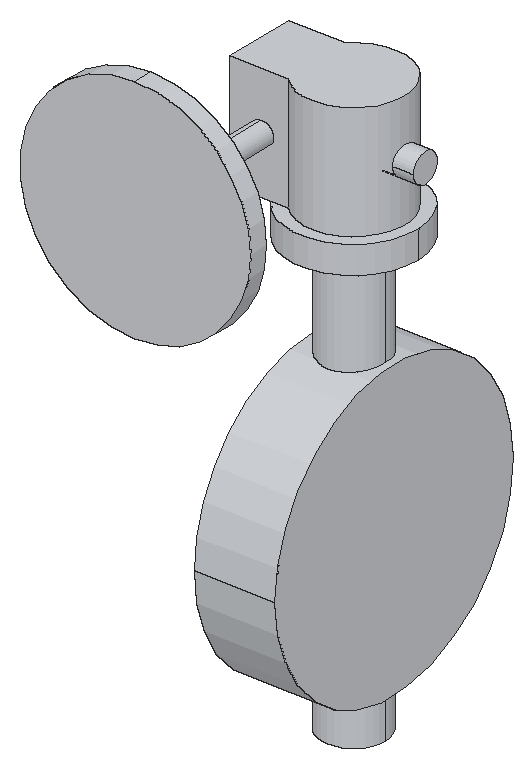
Revit family "HS497-68_disk-nerez_převodové kolo DN150-RFA_2019", category Pipe Accessories, Revit 2019
Family settings
  Round Connector Dimension = Use Diameter
  Part Type = Valve - Breaks Into
  Work Plane-Based = No
  Always vertical = Yes
  Cut with Voids When Loaded = No
  Shared = No
Parameters (values of type "HS 497-68_DN150_PN16_převodové kolo")
  magiProductId = "d94a1a0cf83b476eb10011b327f709"
  magiProductFamilyId = "53cea81e6f374d17b8841d9c72ad77"
  magiPartTypeId = 305
  isMeasuringValve [instance] = no
  ang2D [instance] = 0.00°
  X11 = 61.456 mm
  X1 = 25.456 mm
  W2D = 1000 mm
  VersionID = "2.0/2017.9.26.1/ZETKAMA_497_001"
  Use Minimum Symbol Size [instance] = yes
  URL = "http://www.hydronic.cz"
  Type Comments = "mezipřírubová; nerezový disk; PN16; -10~+110°C (krátkodobě +120°C)"
  SW30 = yes
  SW3 = yes
  SW21 = no
  SW20 = no
  SW2 = no
  SW1 = no
  R = 75 mm
  QmdConnectorList = "301;D;302;D"
  Productdata [instance] = ""
  NC = 50 mm
  Manufacturer = "Hydronic Systems Prague s.r.o."
  MM20 = 25.456 mm
  MC Product Code = "126 150 (nerezový disk, s převodovým kolem; DN150; PN16, kvs1347)"
  M41 = 65.25 mm
  M4 = 43.5 mm
  LHL = 220 mm
  LHH3 = 2.45 mm
  LHH1 = 46.55 mm
  LH1 = 73.333 mm
  L4R__ve = -L4R  # -13.5 mm
  L4R = 13.5 mm
  L42__ve = -L42  # -101.25 mm
  L42 = 101.25 mm
  L41__ve = -L41  # -20.25 mm
  L41 = 20.25 mm
  L2D_Min = 3048 mm
  L2D = 216 mm
  L2 = 28 mm
  L1 = 44.8 mm
  L = 56 mm
  H = 33 mm
  G22 = 11.25 mm
  G2 = 22.5 mm
  G1 = 90 mm
  G = 90 mm
  F = 14 mm
  E44 = 40 mm
  E42 = 80 mm
  E4 = 160 mm
  E23 = 4.9 mm
  E22 = 19.6 mm
  E21 = 9.8 mm
  Description = "Mezipřírubová uzavírací klapka s převodovým kolem; nerezový disk, DN150; PN16; kvs1347"
  DR2 = 75 mm
  DR = 206 mm
  DD1 = 20 mm
  DD = 16 mm
  D = 150 mm
  CAT0 = yes
  B2__ve = -B2  # -58 mm
  B2 = 58 mm
  A2 = 19.3 mm
  A1 = 98.7 mm
Types (43, lengths in mm): name | magiProductId | X11 | X1 | Type Comments | SW30 | SW3 | SW20 | SW2 | SW1 | R | NC | Manufacturer | MM20 | MC Product Code | M41 | M4 | LHL | LHH3 | LHH1 | LH1 | L4R__ve | L4R | L42__ve | L42 | L41__ve | L41 | L2 | L1 | L | H | G | F | E44 | E42 | E4 | E23 | E22 | E21 | Description | DR2 | DR | DD1 | DD | D | B2__ve | B2 | A2 | A1
  HS 497-68_DN100_PN16_volné vřeteno | "65d1b245f4f142c78569c0602d5754" | 61.456 | 25.456 | "mezipřírubová; nerezový disk; PN16; -10~+110°C (krátkodobě +120°C)" | no | no | no | no | yes | 50 | 50 | "Hydronic Systems Prague s.r.o." | 25.456 | "124 100 (nerezový disk, s volným vřetenem; DN100; PN16, kvs512)" | 66 | 44 | 220 | 2.45 | 46.55 | 73.333 | -12.8 | 12.8 | -96 | 96 | -19.2 | 19.2 | 26 | 41.6 | 52 | 30 | 90 | 11 | 31.25 | 62.5 | 125 | 4.9 | 19.6 | 9.8 | "Mezipřírubová uzavírací klapka s volným vřetenem; nerezový disk, DN100; PN16; kvs512" | 50 | 147 | 15.625 | 12.5 | 100 | -56 | 56 | 16.5 | 98.5
  HS 497-68_DN100_PN16_převodové kolo | "11e91b807e674d428c8e796fcdcfe2" | 61.456 | 25.456 | "mezipřírubová; nerezový disk; PN16; -10~+110°C (krátkodobě +120°C)" | yes | yes | no | no | no | 50 | 50 | "Hydronic Systems Prague s.r.o." | 25.456 | "126 100 (nerezový disk, s převodovým kolem; DN100; PN16, kvs512)" | 65.25 | 43.5 | 220 | 2.45 | 46.55 | 73.333 | -12.8 | 12.8 | -96 | 96 | -19.2 | 19.2 | 26 | 41.6 | 52 | 30 | 90 | 11 | 31.25 | 62.5 | 125 | 4.9 | 19.6 | 9.8 | "Mezipřírubová uzavírací klapka s převodovým kolem; nerezový disk, DN100; PN16; kvs512" | 50 | 147 | 15.625 | 12.5 | 100 | -56 | 56 | 16.5 | 98.5
  HS 497-68_DN100_PN16_s pákou | "28172f0b3f4b47b28323ac71cf8749" | 61.456 | 25.456 | "mezipřírubová; nerezový disk; PN16; -10~+110°C (krátkodobě +120°C)" | no | no | yes | yes | no | 50 | 50 | "Hydronic Systems Prague s.r.o." | 25.456 | "121 100 (nerezový disk, s pákou; DN100; PN16, kvs512)" | 66 | 44 | 260 | 3 | 57 | 86.667 | -12.8 | 12.8 | -96 | 96 | -19.2 | 19.2 | 26 | 41.6 | 52 | 30 | 90 | 11 | 31.25 | 62.5 | 125 | 6 | 24 | 12 | "Mezipřírubová uzavírací klapka s pákou; nerezový disk, DN100; PN16; kvs512" | 50 | 147 | 15.625 | 12.5 | 100 | -56 | 56 | 16.5 | 98.5
  HS 497-68_DN125_PN16_volné vřeteno | "0d813d910fc14f628bb3c2efbd185c" | 61.456 | 25.456 | "mezipřírubová; nerezový disk; PN16; -10~+110°C (krátkodobě +120°C)" | no | no | no | no | yes | 62.5 | 50 | "Hydronic Systems Prague s.r.o." | 25.456 | "124 125 (nerezový disk, s volným vřetenem; DN125; PN16, kvs872)" | 66 | 44 | 220 | 2.45 | 46.55 | 73.333 | -12.8 | 12.8 | -96 | 96 | -19.2 | 19.2 | 28 | 44.8 | 56 | 33 | 90 | 14 | 31.25 | 62.5 | 125 | 4.9 | 19.6 | 9.8 | "Mezipřírubová uzavírací klapka s volným vřetenem; nerezový disk, DN125; PN16; kvs872" | 62.5 | 180 | 15.625 | 12.5 | 125 | -64 | 64 | 18 | 99.5
  HS 497-68_DN125_PN16_převodové kolo | "c56b7c13f372467684996fb1e0e229" | 61.456 | 25.456 | "mezipřírubová; nerezový disk; PN16; -10~+110°C (krátkodobě +120°C)" | yes | yes | no | no | no | 62.5 | 50 | "Hydronic Systems Prague s.r.o." | 25.456 | "126125 (nerezový disk, s převodovým kolem; DN125; PN16, kvs872)" | 65.25 | 43.5 | 220 | 2.45 | 46.55 | 73.333 | -13.5 | 13.5 | -101.25 | 101.25 | -20.25 | 20.25 | 28 | 44.8 | 56 | 33 | 90 | 14 | 40 | 80 | 160 | 4.9 | 19.6 | 9.8 | "Mezipřírubová uzavírací klapka s převodovým kolem; nerezový disk, DN125; PN16; kvs872" | 62.5 | 180 | 20 | 16 | 125 | -64 | 64 | 18 | 99.5
  HS 497-68_DN125_PN16_s pákou | "105993c79a91492399feef7931321a" | 61.456 | 25.456 | "mezipřírubová; nerezový disk; PN16; -10~+110°C (krátkodobě +120°C)" | no | no | yes | yes | no | 62.5 | 50 | "Hydronic Systems Prague s.r.o." | 25.456 | "121 125 (nerezový disk, s pákou; DN125; PN16, kvs872)" | 66 | 44 | 315 | 3.75 | 71.25 | 105 | -12.8 | 12.8 | -96 | 96 | -19.2 | 19.2 | 28 | 44.8 | 56 | 33 | 90 | 14 | 31.25 | 62.5 | 125 | 7.5 | 30 | 15 | "Mezipřírubová uzavírací klapka s pákou; nerezový disk, DN125; PN16; kvs872" | 62.5 | 180 | 15.625 | 12.5 | 125 | -64 | 64 | 18 | 99.5
  HS 497-68_DN150_PN16_volné vřeteno | "50c80cb8ab434f55ab7796e5ac1331" | 61.456 | 25.456 | "mezipřírubová; nerezový disk; PN16; -10~+110°C (krátkodobě +120°C)" | no | no | no | no | yes | 75 | 50 | "Hydronic Systems Prague s.r.o." | 25.456 | "124 150 (nerezový disk, s volným vřetenem; DN150; PN16, kvs1347)" | 66 | 44 | 220 | 2.45 | 46.55 | 73.333 | -12.8 | 12.8 | -96 | 96 | -19.2 | 19.2 | 28 | 44.8 | 56 | 33 | 90 | 14 | 31.25 | 62.5 | 125 | 4.9 | 19.6 | 9.8 | "Mezipřírubová uzavírací klapka s volným vřetenem; nerezový disk, DN150; PN16; kvs1347" | 75 | 206 | 15.625 | 12.5 | 150 | -58 | 58 | 19.3 | 98.7
  HS 497-68_DN150_PN16_převodové kolo | "d94a1a0cf83b476eb10011b327f709" | 61.456 | 25.456 | "mezipřírubová; nerezový disk; PN16; -10~+110°C (krátkodobě +120°C)" | yes | yes | no | no | no | 75 | 50 | "Hydronic Systems Prague s.r.o." | 25.456 | "126 150 (nerezový disk, s převodovým kolem; DN150; PN16, kvs1347)" | 65.25 | 43.5 | 220 | 2.45 | 46.55 | 73.333 | -13.5 | 13.5 | -101.25 | 101.25 | -20.25 | 20.25 | 28 | 44.8 | 56 | 33 | 90 | 14 | 40 | 80 | 160 | 4.9 | 19.6 | 9.8 | "Mezipřírubová uzavírací klapka s převodovým kolem; nerezový disk, DN150; PN16; kvs1347" | 75 | 206 | 20 | 16 | 150 | -58 | 58 | 19.3 | 98.7
  HS 497-68_DN150_PN16_s pákou | "4d2835523fe84828bc50ff0a5a0dfb" | 61.456 | 25.456 | "mezipřírubová; nerezový disk; PN16; -10~+110°C (krátkodobě +120°C)" | no | no | yes | yes | no | 75 | 50 | "Hydronic Systems Prague s.r.o." | 25.456 | "121 150 (nerezový disk, s pákou; DN150; PN16, kvs1347)" | 66 | 44 | 315 | 3.75 | 71.25 | 105 | -12.8 | 12.8 | -96 | 96 | -19.2 | 19.2 | 28 | 44.8 | 56 | 33 | 90 | 14 | 31.25 | 62.5 | 125 | 7.5 | 30 | 15 | "Mezipřírubová uzavírací klapka s pákou; nerezový disk, DN150; PN16; kvs1347" | 75 | 206 | 15.625 | 12.5 | 150 | -58 | 58 | 19.3 | 98.7
  HS 497-68_DN200_PN16_volné vřeteno | "5b29029eaeba47139ee1055a4b9201" | 61.456 | 25.456 | "mezipřírubová; nerezový disk; PN16; -10~+110°C (krátkodobě +120°C)" | no | no | no | no | yes | 100 | 50 | "Hydronic Systems Prague s.r.o." | 25.456 | "124 200 (nerezový disk, s volným vřetenem; DN200; PN16, kvs2675)" | 66 | 44 | 220 | 2.45 | 46.55 | 73.333 | -12.8 | 12.8 | -96 | 96 | -19.2 | 19.2 | 30 | 48 | 60 | 33 | 90 | 17 | 31.25 | 62.5 | 125 | 4.9 | 19.6 | 9.8 | "Mezipřírubová uzavírací klapka s volným vřetenem; nerezový disk, DN200; PN16; kvs2675" | 100 | 257 | 15.625 | 12.5 | 200 | -70 | 70 | 22.5 | 102.5
  HS 497-68_DN200_PN16_převodové kolo | "b2793cc1fcc44cf2a35062cd67c04f" | 61.456 | 25.456 | "mezipřírubová; nerezový disk; PN16; -10~+110°C (krátkodobě +120°C)" | yes | yes | no | no | no | 100 | 57 | "Hydronic Systems Prague s.r.o." | 25.456 | "126 200 (nerezový disk, s převodovým kolem; DN200; PN16, kvs2675)" | 78.75 | 52.5 | 220 | 2.45 | 46.55 | 73.333 | -15.2 | 15.2 | -114 | 114 | -22.8 | 22.8 | 30 | 48 | 60 | 33 | 90 | 17 | 50 | 100 | 200 | 4.9 | 19.6 | 9.8 | "Mezipřírubová uzavírací klapka s převodovým kolem; nerezový disk, DN200; PN16; kvs2675" | 100 | 257 | 25 | 20 | 200 | -70 | 70 | 22.5 | 102.5
  HS 497-68_DN200_PN16_s pákou | "f88d96c7af224537a51e72d7d8fffe" | 61.456 | 25.456 | "mezipřírubová; nerezový disk; PN16; -10~+110°C (krátkodobě +120°C)" | no | no | yes | yes | no | 100 | 50 | "Hydronic Systems Prague s.r.o." | 25.456 | "121 200 (nerezový disk, s pákou; DN200; PN16, kvs2675)" | 66 | 44 | 315 | 3.75 | 71.25 | 105 | -12.8 | 12.8 | -96 | 96 | -19.2 | 19.2 | 30 | 48 | 60 | 33 | 90 | 17 | 31.25 | 62.5 | 125 | 7.5 | 30 | 15 | "Mezipřírubová uzavírací klapka s pákou; nerezový disk, DN200; PN16; kvs2675" | 100 | 257 | 15.625 | 12.5 | 200 | -70 | 70 | 22.5 | 102.5
  HS 497-68_DN250_PN16_volné vřeteno | "b662e8305ca2402b9c510e66e6aa55" | 88.77 | 36.77 | "mezipřírubová; nerezový disk; PN16; -10~+110°C (krátkodobě +120°C)" | no | no | no | no | yes | 125 | 50 | "Hydronic Systems Prague s.r.o." | 36.77 | "124 250 (nerezový disk, s volným vřetenem; DN250; PN16, kvs4555)" | 66 | 44 | 220 | 2.45 | 46.55 | 73.333 | -12.8 | 12.8 | -96 | 96 | -19.2 | 19.2 | 34 | 54.4 | 68 | 23 | 130 | 22 | 31.25 | 62.5 | 125 | 4.9 | 19.6 | 9.8 | "Mezipřírubová uzavírací klapka s volným vřetenem; nerezový disk, DN250; PN16; kvs4555" | 125 | 324 | 15.625 | 12.5 | 250 | -85 | 85 | 28.25 | 129.25
  HS 497-68_DN250_PN16_převodové kolo | "5ee9016806664ddfaa2632711f295c" | 88.77 | 36.77 | "mezipřírubová; nerezový disk; PN16; -10~+110°C (krátkodobě +120°C)" | yes | yes | no | no | no | 125 | 70 | "Hydronic Systems Prague s.r.o." | 36.77 | "126 250 (nerezový disk, s převodovým kolem; DN250; PN16, kvs4555)" | 91.5 | 61 | 220 | 2.45 | 46.55 | 73.333 | -22.2 | 22.2 | -166.5 | 166.5 | -33.3 | 33.3 | 34 | 54.4 | 68 | 23 | 130 | 22 | 62.5 | 125 | 250 | 4.9 | 19.6 | 9.8 | "Mezipřírubová uzavírací klapka s převodovým kolem; nerezový disk, DN250; PN16; kvs4555" | 125 | 324 | 31.25 | 25 | 250 | -85 | 85 | 28.25 | 129.25
  HS 497-68_DN300_PN16_volné vřeteno | "e1886f51ff004380a649519258edf2" | 88.77 | 36.77 | "mezipřírubová; nerezový disk; PN16; -10~+110°C (krátkodobě +120°C)" | no | no | no | no | yes | 150 | 50 | "Hydronic Systems Prague s.r.o." | 36.77 | "124 300 (nerezový disk, s volným vřetenem; DN300; PN16, kvs7037)" | 66 | 44 | 220 | 2.45 | 46.55 | 73.333 | -12.8 | 12.8 | -96 | 96 | -19.2 | 19.2 | 39 | 62.4 | 78 | 23 | 130 | 22 | 31.25 | 62.5 | 125 | 4.9 | 19.6 | 9.8 | "Mezipřírubová uzavírací klapka s volným vřetenem; nerezový disk, DN300; PN16; kvs7037" | 150 | 376 | 15.625 | 12.5 | 300 | -90 | 90 | 30.8 | 127.2
  HS 497-68_DN300_PN16_převodové kolo | "6860f094f77d42088fbebc3c97f755" | 88.77 | 36.77 | "mezipřírubová; nerezový disk; PN16; -10~+110°C (krátkodobě +120°C)" | yes | yes | no | no | no | 150 | 70 | "Hydronic Systems Prague s.r.o." | 36.77 | "126 300 (nerezový disk, s převodovým kolem; DN300; PN16, kvs7037)" | 91.5 | 61 | 220 | 2.45 | 46.55 | 73.333 | -22.2 | 22.2 | -166.5 | 166.5 | -33.3 | 33.3 | 39 | 62.4 | 78 | 23 | 130 | 22 | 62.5 | 125 | 250 | 4.9 | 19.6 | 9.8 | "Mezipřírubová uzavírací klapka s převodovým kolem; nerezový disk, DN300; PN16; kvs7037" | 150 | 376 | 31.25 | 25 | 300 | -90 | 90 | 30.8 | 127.2
  HS 497-68_DN032_PN16_volné vřeteno | "8c5f65de52aa4067a77564107e31b2" | 61.456 | 25.456 | "mezipřírubová; nerezový disk; PN16; -10~+110°C (krátkodobě +120°C)" | no | no | no | no | yes | 16 | 50 | "Hydronic Systems Prague s.r.o." | 25.456 | "124 032 (nerezový disk, s volným vřetenem; DN32; PN16, kvs78)" | 66 | 44 | 220 | 2.45 | 46.55 | 73.333 | -12.8 | 12.8 | -96 | 96 | -19.2 | 19.2 | 16.5 | 26.4 | 33 | 30 | 90 | 11 | 31.25 | 62.5 | 125 | 4.9 | 19.6 | 9.8 | "Mezipřírubová uzavírací klapka s volným vřetenem; nerezový disk, DN32; PN16; kvs78" | 16 | 68 | 15.625 | 12.5 | 32 | -44.2 | 44.2 | 10.25 | 76.25
  HS 497-68_DN032_PN16_převodové kolo | "60aaeffa8b3a4e809ef000e4660060" | 61.456 | 25.456 | "mezipřírubová; nerezový disk; PN16; -10~+110°C (krátkodobě +120°C)" | yes | yes | no | no | no | 16 | 50 | "Hydronic Systems Prague s.r.o." | 25.456 | "126 032 (nerezový disk, s převodovým kolem; DN32; PN16, kvs78)" | 65.25 | 43.5 | 220 | 2.45 | 46.55 | 73.333 | -12.8 | 12.8 | -96 | 96 | -19.2 | 19.2 | 16.5 | 26.4 | 33 | 30 | 90 | 11 | 31.25 | 62.5 | 125 | 4.9 | 19.6 | 9.8 | "Mezipřírubová uzavírací klapka s převodovým kolem; nerezový disk, DN32; PN16; kvs78" | 16 | 68 | 15.625 | 12.5 | 32 | -44.2 | 44.2 | 10.25 | 76.25
  HS 497-68_DN032_PN16_s pákou | "9ad8088d610749a1b871aa2aad8007" | 61.456 | 25.456 | "mezipřírubová; nerezový disk; PN16; -10~+110°C (krátkodobě +120°C)" | no | no | yes | yes | no | 16 | 50 | "Hydronic Systems Prague s.r.o." | 25.456 | "121 032 (nerezový disk, s pákou; DN32; PN16, kvs78)" | 66 | 44 | 220 | 2.45 | 46.55 | 73.333 | -12.8 | 12.8 | -96 | 96 | -19.2 | 19.2 | 16.5 | 26.4 | 33 | 30 | 90 | 11 | 31.25 | 62.5 | 125 | 4.9 | 19.6 | 9.8 | "Mezipřírubová uzavírací klapka s pákou; nerezový disk, DN32; PN16; kvs78" | 16 | 68 | 15.625 | 12.5 | 32 | -44.2 | 44.2 | 10.25 | 76.25
  HS 497-68_DN350_PN10_volné vřeteno | "72a1e05f22944421b7e9596a877137" | 109.255 | 45.255 | "mezipřírubová; nerezový disk; PN10; -10~+110°C (krátkodobě +120°C)" | no | no | no | no | yes | 175 | 50 | "Hydronic Systems Prague s.r.o." | 45.255 | "124 350 (nerezový disk, s volným vřetenem; DN350; PN10, kvs10165)" | 66 | 44 | 220 | 2.45 | 46.55 | 73.333 | -12.8 | 12.8 | -96 | 96 | -19.2 | 19.2 | 39 | 62.4 | 78 | 31 | 160 | 22 | 31.25 | 62.5 | 125 | 4.9 | 19.6 | 9.8 | "Mezipřírubová uzavírací klapka s volným vřetenem; nerezový disk, DN350; PN10; kvs10165" | 175 | 430 | 15.625 | 12.5 | 350 | -88 | 88 | 33.85 | 129.65
  HS 497-68_DN350_PN10_převodové kolo | "a5a01426cb28494ba3afca92f1dace" | 109.255 | 45.255 | "mezipřírubová; nerezový disk; PN10; -10~+110°C (krátkodobě +120°C)" | yes | yes | no | no | no | 175 | 70 | "Hydronic Systems Prague s.r.o." | 45.255 | "126 350 (nerezový disk, s převodovým kolem; DN350; PN10, kvs10165)" | 91.5 | 61 | 220 | 2.45 | 46.55 | 73.333 | -22.2 | 22.2 | -166.5 | 166.5 | -33.3 | 33.3 | 39 | 62.4 | 78 | 31 | 160 | 22 | 62.5 | 125 | 250 | 4.9 | 19.6 | 9.8 | "Mezipřírubová uzavírací klapka s převodovým kolem; nerezový disk, DN350; PN10; kvs10165" | 175 | 430 | 31.25 | 25 | 350 | -88 | 88 | 33.85 | 129.65
  HS 497-68_DN400_PN10_volné vřeteno | "c70ebeb927c04ab99b176e257ad0a7" | 109.255 | 45.255 | "mezipřírubová; nerezový disk; PN10; -10~+110°C (krátkodobě +120°C)" | no | no | no | no | yes | 200 | 50 | "Hydronic Systems Prague s.r.o." | 45.255 | "124 400 (nerezový disk, s volným vřetenem; DN400; PN10, kvs13799)" | 66 | 44 | 220 | 2.45 | 46.55 | 73.333 | -12.8 | 12.8 | -96 | 96 | -19.2 | 19.2 | 51 | 81.6 | 102 | 31 | 160 | 27 | 31.25 | 62.5 | 125 | 4.9 | 19.6 | 9.8 | "Mezipřírubová uzavírací klapka s volným vřetenem; nerezový disk, DN400; PN10; kvs13799" | 200 | 485 | 15.625 | 12.5 | 400 | -108 | 108 | 38 | 142
  HS 497-68_DN400_PN10_převodové kolo | "cc64a4384dcb41b780d81810f4f293" | 109.255 | 45.255 | "mezipřírubová; nerezový disk; PN10; -10~+110°C (krátkodobě +120°C)" | yes | yes | no | no | no | 200 | 72.5 | "Hydronic Systems Prague s.r.o." | 45.255 | "126 400 (nerezový disk, s převodovým kolem; DN400; PN10, kvs13799)" | 103.5 | 69 | 220 | 2.45 | 46.55 | 73.333 | -27.8 | 27.8 | -208.5 | 208.5 | -41.7 | 41.7 | 51 | 81.6 | 102 | 31 | 160 | 27 | 75 | 150 | 300 | 4.9 | 19.6 | 9.8 | "Mezipřírubová uzavírací klapka s převodovým kolem; nerezový disk, DN400; PN10; kvs13799" | 200 | 485 | 37.5 | 30 | 400 | -108 | 108 | 38 | 142
  HS 497-68_DN040_PN16_volné vřeteno | "35f92312390745e88df5b5c325d9ee" | 61.456 | 25.456 | "mezipřírubová; nerezový disk; PN16; -10~+110°C (krátkodobě +120°C)" | no | no | no | no | yes | 20 | 50 | "Hydronic Systems Prague s.r.o." | 25.456 | "124 040 (nerezový disk, s volným vřetenem; DN40; PN16, kvs78)" | 66 | 44 | 220 | 2.45 | 46.55 | 73.333 | -12.8 | 12.8 | -96 | 96 | -19.2 | 19.2 | 16.5 | 26.4 | 33 | 30 | 90 | 11 | 31.25 | 62.5 | 125 | 4.9 | 19.6 | 9.8 | "Mezipřírubová uzavírací klapka s volným vřetenem; nerezový disk, DN40; PN16; kvs78" | 20 | 76 | 15.625 | 12.5 | 40 | -36 | 36 | 11 | 79
  HS 497-68_DN040_PN16_převodové kolo | "d88e968eae3445bc9b7b4e6ff35127" | 61.456 | 25.456 | "mezipřírubová; nerezový disk; PN16; -10~+110°C (krátkodobě +120°C)" | yes | yes | no | no | no | 20 | 50 | "Hydronic Systems Prague s.r.o." | 25.456 | "126 040 (nerezový disk, s převodovým kolem; DN40; PN16, kvs78)" | 65.25 | 43.5 | 220 | 2.45 | 46.55 | 73.333 | -12.8 | 12.8 | -96 | 96 | -19.2 | 19.2 | 16.5 | 26.4 | 33 | 30 | 90 | 11 | 31.25 | 62.5 | 125 | 4.9 | 19.6 | 9.8 | "Mezipřírubová uzavírací klapka s převodovým kolem; nerezový disk, DN40; PN16; kvs78" | 20 | 76 | 15.625 | 12.5 | 40 | -36 | 36 | 11 | 79
  HS 497-68_DN040_PN16_s pákou | "c1b522ca65b4407a98818f232eaacb" | 61.456 | 25.456 | "mezipřírubová; nerezový disk; PN16; -10~+110°C (krátkodobě +120°C)" | no | no | yes | yes | no | 20 | 50 | "Hydronic Systems Prague s.r.o." | 25.456 | "121 040 (nerezový disk, s pákou; DN40; PN16, kvs78)" | 66 | 44 | 220 | 2.45 | 46.55 | 73.333 | -12.8 | 12.8 | -96 | 96 | -19.2 | 19.2 | 16.5 | 26.4 | 33 | 30 | 90 | 11 | 31.25 | 62.5 | 125 | 4.9 | 19.6 | 9.8 | "Mezipřírubová uzavírací klapka s pákou; nerezový disk, DN40; PN16; kvs78" | 20 | 76 | 15.625 | 12.5 | 40 | -36 | 36 | 11 | 79
  HS 497-68_DN450_PN10_volné vřeteno | "a8358bc282f14872b3194e530e590a" | 129.74 | 53.74 | "mezipřírubová; nerezový disk; PN10; -10~+110°C (krátkodobě +120°C)" | no | no | no | no | yes | 225 | 50 | "Hydronic Systems Prague s.r.o." | 53.74 | "124 450 (nerezový disk, s volným vřetenem; DN450; PN10, kvs18514)" | 66 | 44 | 220 | 2.45 | 46.55 | 73.333 | -12.8 | 12.8 | -96 | 96 | -19.2 | 19.2 | 57 | 91.2 | 114 | 38 | 190 | 36 | 31.25 | 62.5 | 125 | 4.9 | 19.6 | 9.8 | "Mezipřírubová uzavírací klapka s volným vřetenem; nerezový, DN450; PN10; kvs18514" | 225 | 536 | 15.625 | 12.5 | 450 | -115 | 115 | 38.05 | 117.45
  HS 497-68_DN450_PN10_převodové kolo | "cdf2d80f54a9414f9cbe50647c0ebd" | 129.74 | 53.74 | "mezipřírubová; nerezový disk; PN10; -10~+110°C (krátkodobě +120°C)" | yes | yes | no | no | no | 225 | 91.5 | "Zetkama" | 53.74 | "126 450 (nerezový disk, s převodovým kolem; DN450; PN10, kvs18514)" | 144.75 | 96.5 | 220 | 2.45 | 46.55 | 73.333 | -32.1 | 32.1 | -240.75 | 240.75 | -48.15 | 48.15 | 57 | 91.2 | 114 | 38 | 190 | 36 | 100 | 200 | 400 | 4.9 | 19.6 | 9.8 | "Mezipřírubová uzavírací klapka s převodovým kolem; nerezový disk, DN450; PN10; kvs18514" | 225 | 536 | 50 | 40 | 450 | -115 | 115 | 38.05 | 117.45
  HS 497-68_DN500_PN10_volné vřeteno | "8c396e27bb2743f98f3c762b6517cd" | 143.397 | 59.397 | "mezipřírubová; nerezový disk; PN10; -10~+110°C (krátkodobě +120°C)" | no | no | no | no | yes | 250 | 50 | "Hydronic Systems Prague s.r.o." | 59.397 | "124 500 (nerezový disk, s volným vřetenem; DN500; PN10, kvs23805)" | 66 | 44 | 220 | 2.45 | 46.55 | 73.333 | -12.8 | 12.8 | -96 | 96 | -19.2 | 19.2 | 63.5 | 101.6 | 127 | 38 | 210 | 36 | 31.25 | 62.5 | 125 | 4.9 | 19.6 | 9.8 | "Mezipřírubová uzavírací klapka s volným vřetenem; nerezový disk, DN500; PN10; kvs23805" | 250 | 593 | 15.625 | 12.5 | 500 | -130 | 130 | 43.25 | 139.25
  HS 497-68_DN500_PN10_převodové kolo | "7647804f32e94cef828a7034a91a46" | 143.397 | 59.397 | "mezipřírubová; nerezový disk; PN10; -10~+110°C (krátkodobě +120°C)" | yes | yes | no | no | no | 250 | 91.5 | "Zetkama" | 59.397 | "126 500 (nerezový disk, s převodovým kolem; DN500; PN10, kvs23805)" | 144.75 | 96.5 | 220 | 2.45 | 46.55 | 73.333 | -32.1 | 32.1 | -240.75 | 240.75 | -48.15 | 48.15 | 63.5 | 101.6 | 127 | 38 | 210 | 36 | 100 | 200 | 400 | 4.9 | 19.6 | 9.8 | "Mezipřírubová uzavírací klapka s převodovým kolem; nerezový disk, DN500; PN10; kvs23805" | 250 | 593 | 50 | 40 | 500 | -130 | 130 | 43.25 | 139.25
  HS 497-68_DN050_volné vřeteno | "d71f296ecd6d4adf8f6e5d9853b4e0" | 61.456 | 25.456 | "mezipřírubová; nerezový disk; PN16; -10~+110°C (krátkodobě +120°C)" | no | no | no | no | yes | 25 | 50 | "Hydronic Systems Prague s.r.o." | 25.456 | "124 050 (nerezový disk, s volným vřetenem; DN50; PN16, kvs98)" | 66 | 44 | 220 | 2.45 | 46.55 | 73.333 | -12.8 | 12.8 | -96 | 96 | -19.2 | 19.2 | 21.5 | 34.4 | 43 | 30 | 90 | 11 | 31.25 | 62.5 | 125 | 4.9 | 19.6 | 9.8 | "Mezipřírubová uzavírací klapka s volným vřetenem; nerezový disk, DN50; PN16; kvs98" | 25 | 100 | 15.625 | 12.5 | 50 | -36.5 | 36.5 | 12 | 83
  HS 497-68_DN050_PN16_převodové kolo | "2fb080deeaed49c58418b94c1da5a4" | 61.456 | 25.456 | "mezipřírubová; nerezový disk; PN16; -10~+110°C (krátkodobě +120°C)" | yes | yes | no | no | no | 25 | 50 | "Hydronic Systems Prague s.r.o." | 25.456 | "126 050 (nerezový disk, s převodovým kolem; DN50; PN16, kvs98)" | 65.25 | 43.5 | 220 | 2.45 | 46.55 | 73.333 | -12.8 | 12.8 | -96 | 96 | -19.2 | 19.2 | 21.5 | 34.4 | 43 | 30 | 90 | 11 | 31.25 | 62.5 | 125 | 4.9 | 19.6 | 9.8 | "Mezipřírubová uzavírací klapka s převodovým kolem; nerezový disk, DN50; PN16; kvs98" | 25 | 100 | 15.625 | 12.5 | 50 | -36.5 | 36.5 | 12 | 83
  HS 497-68_DN050_PN16_s pákou | "dabc632061f94877a994b9b4e68112" | 61.456 | 25.456 | "mezipřírubová; nerezový disk; PN16; -10~+110°C (krátkodobě +120°C)" | no | no | yes | yes | no | 25 | 50 | "Hydronic Systems Prague s.r.o." | 25.456 | "121 050 (nerezový disk, s pákou; DN50; PN16, kvs98)" | 66 | 44 | 220 | 2.45 | 46.55 | 73.333 | -12.8 | 12.8 | -96 | 96 | -19.2 | 19.2 | 21.5 | 34.4 | 43 | 30 | 90 | 11 | 31.25 | 62.5 | 125 | 4.9 | 19.6 | 9.8 | "Mezipřírubová uzavírací klapka s pákou; nerezový disk, DN50; PN16; kvs98" | 25 | 100 | 15.625 | 12.5 | 50 | -36.5 | 36.5 | 12 | 83
  HS 497-68_DN600_PN10_volné vřeteno | "99d5892c14664fce81a7c5903f7711" | 143.397 | 59.397 | "mezipřírubová; nerezový disk; PN10; -10~+110°C (krátkodobě +120°C)" | no | no | no | no | yes | 300 | 50 | "Hydronic Systems Prague s.r.o." | 59.397 | "124 600 (nerezový disk, s volným vřetenem; DN600; PN10, kvs36778)" | 66 | 44 | 220 | 2.45 | 46.55 | 73.333 | -12.8 | 12.8 | -96 | 96 | -19.2 | 19.2 | 77 | 123.2 | 154 | 80 | 210 | 60 | 31.25 | 62.5 | 125 | 4.9 | 19.6 | 9.8 | "Mezipřírubová uzavírací klapka s volným vřetenem; nerezový disk, DN600; PN10; kvs36788" | 300 | 690 | 15.625 | 12.5 | 600 | -140 | 140 | 49.4 | 144.6
  HS 497-68_DN600_PN10_převodové kolo | "b1e26faab48a4c499f6bb11e7e3002" | 143.397 | 59.397 | "mezipřírubová; lnerezový disk; PN10; -10~+110°C (krátkodobě +120°C)" | yes | yes | no | no | no | 300 | 140 | "Hydronic Systems Prague s.r.o." | 59.397 | "126 600 (nerezový disk, s převodovým kolem; DN600; PN10, kvs36778)" | 206.25 | 137.5 | 220 | 2.45 | 46.55 | 73.333 | -40.8 | 40.8 | -306 | 306 | -61.2 | 61.2 | 77 | 123.2 | 154 | 80 | 210 | 60 | 125 | 250 | 500 | 4.9 | 19.6 | 9.8 | "Mezipřírubová uzavírací klapka s převodovým kolem; nerezový disk, DN600; PN10; kvs36788" | 300 | 690 | 62.5 | 50 | 600 | -140 | 140 | 49.4 | 144.6
  HS 497-68_DN065_PN16_volné vřeteno | "5e5e208646e34ec29f889baab5d08e" | 61.456 | 25.456 | "mezipřírubová; lnerezový disk; PN16; -10~+110°C (krátkodobě +120°C)" | no | no | no | no | yes | 32.5 | 50 | "Hydronic Systems Prague s.r.o." | 25.456 | "124 065 (nerezový disk, s volným vřetenem; DN65; PN16, kvs167)" | 66 | 44 | 220 | 2.45 | 46.55 | 73.333 | -12.8 | 12.8 | -96 | 96 | -19.2 | 19.2 | 23 | 36.8 | 46 | 30 | 90 | 11 | 31.25 | 62.5 | 125 | 4.9 | 19.6 | 9.8 | "Mezipřírubová uzavírací klapka s volným vřetenem; nerezový disk, DN65; PN16; kv167" | 32.5 | 108 | 15.625 | 12.5 | 65 | -36.5 | 36.5 | 13.5 | 89
  HS 497-68_DN065_PN16_převodové kolo | "654d74c8d15540b0bfe523d988ccb3" | 61.456 | 25.456 | "mezipřírubová; nerezový disk; PN16; -10~+110°C (krátkodobě +120°C)" | yes | yes | no | no | no | 32.5 | 50 | "Hydronic Systems Prague s.r.o." | 25.456 | "126 065 (nerezový disk, s převodovým kolem; DN65; PN16, kvs167)" | 65.25 | 43.5 | 220 | 2.45 | 46.55 | 73.333 | -12.8 | 12.8 | -96 | 96 | -19.2 | 19.2 | 23 | 36.8 | 46 | 30 | 90 | 11 | 31.25 | 62.5 | 125 | 4.9 | 19.6 | 9.8 | "Mezipřírubová uzavírací klapka s převodovým kolem; nerezový disk, DN65; PN16; kvs167" | 32.5 | 108 | 15.625 | 12.5 | 65 | -36.5 | 36.5 | 13.5 | 89
  HS 497-68_DN065_PN16_s pákou | "ebeb4b59db0641caaf6d6635ab37b9" | 61.456 | 25.456 | "mezipřírubová; nerezový disk; PN16; -10~+110°C (krátkodobě +120°C)" | no | no | yes | yes | no | 32.5 | 50 | "Hydronic Systems Prague s.r.o." | 25.456 | "121 065 (nerezový disk, s pákou; DN65; PN16, kvs167)" | 66 | 44 | 220 | 2.45 | 46.55 | 73.333 | -12.8 | 12.8 | -96 | 96 | -19.2 | 19.2 | 23 | 36.8 | 46 | 30 | 90 | 11 | 31.25 | 62.5 | 125 | 4.9 | 19.6 | 9.8 | "Mezipřírubová uzavírací klapka s pákou; nerezový disk, DN65; PN16; kvs167" | 32.5 | 108 | 15.625 | 12.5 | 65 | -36.5 | 36.5 | 13.5 | 89
  HS 497-68_DN080_PN16_volné vřeteno | "9e85c75c18654e1185a9c48ed6b00e" | 61.456 | 25.456 | "mezipřírubová; nerezový disk; PN16; -10~+110°C (krátkodobě +120°C)" | no | no | no | no | yes | 40 | 50 | "Hydronic Systems Prague s.r.o." | 25.456 | "124 080 (nerezový disk, s volným vřetenem; DN80; PN16, kvs258)" | 66 | 44 | 220 | 2.45 | 46.55 | 73.333 | -12.8 | 12.8 | -96 | 96 | -19.2 | 19.2 | 23 | 36.8 | 46 | 30 | 90 | 11 | 31.25 | 62.5 | 125 | 4.9 | 19.6 | 9.8 | "Mezipřírubová uzavírací klapka s volným vřetenem; nerezový disk, DN80; PN16; kvs258" | 40 | 124 | 15.625 | 12.5 | 80 | -54 | 54 | 14.1 | 86.9
  HS 497-68_DN080_PN16_převodové kolo | "5b3c8238c3d041e68c75b199e7ea46" | 61.456 | 25.456 | "mezipřírubová; nerezový disk; PN16; -10~+110°C (krátkodobě +120°C)" | yes | yes | no | no | no | 40 | 50 | "Hydronic Systems Prague s.r.o." | 25.456 | "126 080 (nerezový disk, s převodovým kolem; DN80; PN16, kvs258)" | 65.25 | 43.5 | 220 | 2.45 | 46.55 | 73.333 | -12.8 | 12.8 | -96 | 96 | -19.2 | 19.2 | 23 | 36.8 | 46 | 30 | 90 | 11 | 31.25 | 62.5 | 125 | 4.9 | 19.6 | 9.8 | "Mezipřírubová uzavírací klapka s převodovým kolem; nerezový disk, DN80; PN16; kvs258" | 40 | 124 | 15.625 | 12.5 | 80 | -54 | 54 | 14.1 | 86.9
  HS 497-68_DN080_PN16_s pákou | "e414795fab0f4eccb99bc3572c5477" | 61.456 | 25.456 | "mezipřírubová; nerezový disk; PN16; -10~+110°C (krátkodobě +120°C)" | no | no | yes | yes | no | 40 | 50 | "Hydronic Systems Prague s.r.o." | 25.456 | "121 080 (nerezový disk, s pákou; DN80; PN16, kvs258)" | 66 | 44 | 260 | 3 | 57 | 86.667 | -12.8 | 12.8 | -96 | 96 | -19.2 | 19.2 | 23 | 36.8 | 46 | 30 | 90 | 11 | 31.25 | 62.5 | 125 | 6 | 24 | 12 | "Mezipřírubová uzavírací klapka s pákou; nerezový disk, DN80; PN16; kvs258" | 40 | 124 | 15.625 | 12.5 | 80 | -54 | 54 | 14.1 | 86.9
  HS 497-68_DN250_PN16_s pákou | "" | 88.77 | 36.77 | "mezipřírubová; nerezový disk; PN16; -10~+110°C (krátkodobě +120°C)" | no | no | yes | yes | no | 125 | 70 | "Hydronic Systems Prague s.r.o." | 36.77 | "121 250 (nerezový disk, s ákou; DN250; PN16, kvs4555)" | 91.5 | 61 | 220 | 2.45 | 46.55 | 73.333 | -22.2 | 22.2 | -166.5 | 166.5 | -33.3 | 33.3 | 34 | 54.4 | 68 | 23 | 130 | 22 | 62.5 | 125 | 250 | 4.9 | 19.6 | 9.8 | "Mezipřírubová uzavírací klapka s pákou; nerezový disk, DN250; PN16; kvs4555" | 125 | 324 | 31.25 | 25 | 250 | -85 | 85 | 28.25 | 129.25
  HS 497-68_DN300_PN16_s pákou | "" | 88.77 | 36.77 | "mezipřírubová; nerezový disk; PN16; -10~+110°C (krátkodobě +120°C)" | no | no | yes | yes | no | 150 | 70 | "Hydronic Systems Prague s.r.o." | 36.77 | "121 300 (nerezový disk, s pákou; DN300; PN16, kvs7037)" | 91.5 | 61 | 220 | 2.45 | 46.55 | 73.333 | -22.2 | 22.2 | -166.5 | 166.5 | -33.3 | 33.3 | 39 | 62.4 | 78 | 23 | 130 | 22 | 62.5 | 125 | 250 | 4.9 | 19.6 | 9.8 | "Mezipřírubová uzavírací klapka s pákou; nerezový disk, DN300; PN16; kvs7037" | 150 | 376 | 31.25 | 25 | 300 | -90 | 90 | 30.8 | 127.2
Reference planes
  plane 1 "Center (Front/Back)": y = 0
  plane 2 "XYPLANE": z = 0
  plane 3 "Center (Left/Right)": x = 0
  plane 4 "473": x = -25.456
  plane 5 "472": x = -65.25
  plane 6 "471": y = -25.456
  plane 7 "470": y = 25.456
  plane 8 "469": x = -43.5
  plane 9 "468": y = -121.5
  plane 10 "467": y = -101.25
  plane 11 "466": z = 233
  plane 12 "465": z = 239.55
  plane 13 "464": y = 145.417
  plane 14 "463": z = 229.75
  plane 15 "462": z = 212.6
  plane 16 "461": z = 222.4
  plane 17 "460": y = 72.083
  plane 18 "459": x = -11.25
  plane 19 "458": x = 11.25
  plane 20 "457": y = -6.25
  plane 21 "456": x = -17.5
  plane 22 "455": x = 17.5
  plane 23 "454": z = 227.3
  plane 24 "453": y = 62.083
  plane 25 "452": y = -11.25
  plane 26 "451": x = -22.5
  plane 27 "450": x = 22.5
  plane 28 "449": z = 207.7
  plane 29 "448": z = 202.8
  plane 30 "447": z = -75
  plane 31 "446": z = 193
  plane 32 "445": z = 173.7
  plane 33 "444": z = 75
  plane 34 "443": x = 28
  plane 35 "442": x = -28
  plane 36 "441": z = 0
  plane 37 "440": y = 0
  plane 38 "439": x = 0
  plane 39 "438": z = 242
  plane 40 "437": z = 227.3
  plane 41 "436": x = 13.7
  plane 42 "435": x = -13.7
  plane 43 "434": y = 220
Forms (mm)
  Extrusion 1, solid, visible <- "SW3"
    sketch origin (-750, 0, 193) x (1, 0, 0) y (0, 1, 0)
      loop
        line (684.75, 25.456) -> (684.75, -25.456) -> (724.544, -25.456)
        arc (724.544, -25.456) -> (786, 0) -> (724.544, 25.456) r 36
        line (724.544, 25.456) -> (684.75, 25.456)
    from 0 to 80 <- "E42"
  Extrusion 2, solid, visible <- "SW30"
    sketch origin (0, -750, 0) x (0, 1, 0) y (0, 0, 1)
      loop
        circle (750, 233) r 10
    from 0 to 50 <- "NC"
  Extrusion 3, solid, visible <- "SW30"
    sketch origin (750, -121.5, 0) x (-1, 0, 0) y (0, 0, 1)
      loop
        circle (793.5, 233) r 80
    from 0 to -13.5 <- "L4R__ve"
  Extrusion 4, solid, visible <- "SW3"
    sketch origin (750, -101.25, 0) x (-1, 0, 0) y (0, 0, 1)
      loop
        circle (793.5, 233) r 10
    from 0 to -20.25 <- "L41__ve"
  Extrusion 5, solid, visible <- "SW30"
    sketch origin (750, 0, 0) x (-1, 0, 0) y (0, 0, 1)
      loop
        circle (793.5, 233) r 8
    from 0 to -101.25 <- "L42__ve"
  Blend 6, solid, visible <- "SW21"
    base sketch origin (750, 72.083, 0) x (-1, 0, 0) y (0, 0, 1)
      loop
        line (761.25, 222.4) -> (738.75, 222.4) -> (738.75, 212.6) -> (761.25, 212.6) -> (761.25, 222.4)
    top sketch origin (750, 72.083, 0) x (-1, 0, 0) y (0, 0, 1)
      loop
        line (761.25, 239.55) -> (738.75, 239.55) -> (738.75, 229.75) -> (761.25, 229.75) -> (761.25, 239.55)
    from 0 to 73.333
  Blend 7, solid, visible <- "SW21"
    base sketch origin (750, 62.083, 0) x (-1, 0, 0) y (0, 0, 1)
      loop
        line (761.25, 227.3) -> (738.75, 227.3) -> (738.75, 207.7) -> (761.25, 207.7) -> (761.25, 227.3)
    top sketch origin (750, 62.083, 0) x (-1, 0, 0) y (0, 0, 1)
      loop
        line (761.25, 222.4) -> (738.75, 222.4) -> (738.75, 212.6) -> (761.25, 212.6) -> (761.25, 222.4)
    from 0 to 10
  Blend 8, solid, visible <- "SW21"
    base sketch origin (-750, 0, 207.7) x (1, 0, 0) y (0, 1, 0)
      loop
        line (772.5, 62.083) -> (727.5, 62.083) -> (727.5, -11.25)
        arc (727.5, -11.25) -> (750, -31.25) -> (772.5, -11.25) r 22.656
        line (772.5, -11.25) -> (772.5, 62.083)
    top sketch origin (-750, 0, 207.7) x (1, 0, 0) y (0, 1, 0)
      loop
        line (767.5, 62.083) -> (732.5, 62.083) -> (732.5, -6.25)
        arc (732.5, -6.25) -> (750, -26.25) -> (767.5, -6.25) r 17.656
        line (767.5, -6.25) -> (767.5, 62.083)
    from 0 to 19.6
  Extrusion 9, solid, visible <- "SW2"
    sketch origin (-750, 0, 202.8) x (1, 0, 0) y (0, 1, 0)
      loop
        circle (750, 0) r 11.25
    from 0 to 4.9 <- "E23"
  Extrusion 10, solid, visible <- "SW2"
    sketch origin (-750, 0, 193) x (1, 0, 0) y (0, 1, 0)
      loop
        circle (750, 0) r 45
    from 0 to 9.8 <- "E21"
  Extrusion 11, solid, visible <- "CAT0"
    sketch origin (-750, 0, -75) x (1, 0, 0) y (0, 1, 0)
      loop
        circle (750, 0) r 22.4
    from 0 to -58 <- "B2__ve"
  Extrusion 12, solid, visible <- "CAT0"
    sketch origin (-750, 0, 173.7) x (1, 0, 0) y (0, 1, 0)
      loop
        circle (750, 0) r 45
    from 0 to 19.3 <- "A2"
  Extrusion 13, solid, visible <- "CAT0"
    sketch origin (-750, 0, 75) x (1, 0, 0) y (0, 1, 0)
      loop
        circle (750, 0) r 22.4
    from 0 to 98.7 <- "A1"
  Extrusion 14, solid, visible <- "CAT0"
    sketch origin (-28, -750, 0) x (0, 1, 0) y (0, 0, 1)
      loop
        circle (750, 0) r 103
    from 0 to 56 <- "L"
  Extrusion 15, solid, visible <- "SW1"
    sketch origin (-750, 0, 193) x (1, 0, 0) y (0, 1, 0)
      loop
        line (757, 7) -> (743, 7) -> (743, -7) -> (757, -7) -> (757, 7)
    from 0 to 33 <- "H"
  Blend 16, solid, visible <- "SW2"
    base sketch origin (750, 145.417, 0) x (-1, 0, 0) y (0, 0, 1)
      loop
        arc (763.7, 237) -> (762.236, 240.536) -> (758.7, 242) r 5
        line (758.7, 242) -> (741.3, 242)
        arc (741.3, 242) -> (737.764, 240.536) -> (736.3, 237) r 5
        line (736.3, 237) -> (736.3, 232.3)
        arc (736.3, 232.3) -> (737.764, 228.764) -> (741.3, 227.3) r 5
        line (741.3, 227.3) -> (758.7, 227.3)
        arc (758.7, 227.3) -> (762.236, 228.764) -> (763.7, 232.3) r 5
        line (763.7, 232.3) -> (763.7, 237)
    top sketch origin (750, 145.417, 0) x (-1, 0, 0) y (0, 0, 1)
      loop
        arc (763.7, 237) -> (762.236, 240.536) -> (758.7, 242) r 5
        line (758.7, 242) -> (741.3, 242)
        arc (741.3, 242) -> (737.764, 240.536) -> (736.3, 237) r 5
        line (736.3, 237) -> (736.3, 232.3)
        arc (736.3, 232.3) -> (737.764, 228.764) -> (741.3, 227.3) r 5
        line (741.3, 227.3) -> (758.7, 227.3)
        arc (758.7, 227.3) -> (762.236, 228.764) -> (763.7, 232.3) r 5
        line (763.7, 232.3) -> (763.7, 237)
    from 0 to 74.583
  Blend 17, solid, visible <- "SW20"
    base sketch origin (750, 145.417, 0) x (-1, 0, 0) y (0, 0, 1)
      loop
        line (763.7, 242) -> (736.3, 242) -> (736.3, 227.3) -> (763.7, 227.3) -> (763.7, 242)
    top sketch origin (750, 145.417, 0) x (-1, 0, 0) y (0, 0, 1)
      loop
        line (761.25, 227.3) -> (738.75, 227.3) -> (738.75, 207.7) -> (761.25, 207.7) -> (761.25, 227.3)
    from 0 to -83.333
  Extrusion 18, solid, visible <- "SW20"
    sketch origin (-750, 0, 207.7) x (1, 0, 0) y (0, 1, 0)
      loop
        line (772.5, 62.083) -> (727.5, 62.083) -> (727.5, -11.25)
        arc (727.5, -11.25) -> (750, -31.25) -> (772.5, -11.25) r 22.656
        line (772.5, -11.25) -> (772.5, 62.083)
    from 0 to 19.6 <- "E22"
  Extrusion 19, solid, not visible
    sketch origin (-28, -750, 0) x (0, 1, 0) y (0, 0, 1)
      loop
        circle (750, 0) r 10
    from 0 to 10
  Extrusion 20, solid, not visible
    sketch origin (28, -750, 0) x (0, 1, 0) y (0, 0, 1)
      loop
        circle (750, 0) r 10
    from 0 to -10
Lines and regions (mm)
  reference lines, not visible
    curve 1: circle (2, 2, 0) r 1 normal (0, 0, 1)
  reference lines
    curve 2: line (-25.456, -25.456, 193) -> (-25.456, 25.456, 193)
    curve 3: line (-17.5, -6.25, 207.7) -> (17.5, -6.25, 207.7)
    curve 4: line (-22.5, -11.25, 207.7) -> (22.5, -11.25, 207.7)
    curve 5: circle (0, 0, 193) r 1 normal (0, 0, 1)
    curve 6: line (-22.5, -11.25, 207.7) -> (22.5, -11.25, 207.7)
Dimensions and locks
  plane 1 "Center (Front/Back)" to curve 1 = 2 mm
  "X1": plane 3 "Center (Left/Right)" to plane 4 "473"
  "M41": plane 3 "Center (Left/Right)" to plane 5 "472"
  "MM20": plane 1 "Center (Front/Back)" to plane 6 "471"
  "MM20": plane 1 "Center (Front/Back)" to plane 7 "470"
  "M4": plane 3 "Center (Left/Right)" to plane 8 "469"
  "L41": plane 10 "467" to plane 9 "468"
  "L42": plane 1 "Center (Front/Back)" to plane 10 "467"
  "E44": plane 31 "446" to plane 11 "466"
  "LHH1": plane 31 "446" to plane 12 "465"
  "LH1": plane 17 "460" to plane 13 "464"
  "E21": plane 12 "465" to plane 14 "463"
  "E21": plane 16 "461" to plane 15 "462"
  "E23": plane 23 "454" to plane 16 "461"
  locked: plane 24 "453" to plane 17 "460" at 10
  "G22": plane 3 "Center (Left/Right)" to plane 18 "459"
  "G22": plane 3 "Center (Left/Right)" to plane 19 "458"
  locked: plane 25 "452" to plane 20 "457" at 5
  locked: plane 26 "451" to plane 21 "456" at 5
  locked: plane 27 "450" to plane 22 "455" at 5
  "E22": plane 28 "449" to plane 23 "454"
  "LH1": plane 25 "452" to plane 24 "453"
  "G22": plane 1 "Center (Front/Back)" to plane 25 "452"
  "G2": plane 3 "Center (Left/Right)" to plane 26 "451"
  "G2": plane 3 "Center (Left/Right)" to plane 27 "450"
  "E23": plane 29 "448" to plane 28 "449"
  "E21": plane 31 "446" to plane 29 "448"
  "R": plane 2 "XYPLANE" to plane 30 "447"
  "A2": plane 32 "445" to plane 31 "446"
  "A1": plane 33 "444" to plane 32 "445"
  "DR2": plane 2 "XYPLANE" to plane 33 "444"
  "L2": plane 3 "Center (Left/Right)" to plane 34 "443"
  "L2": plane 3 "Center (Left/Right)" to plane 35 "442"
  locked: plane 2 "XYPLANE" to plane 36 "441"
  locked: plane 1 "Center (Front/Back)" to plane 37 "440"
  locked: plane 3 "Center (Left/Right)" to plane 38 "439"
  "LHH3": plane 12 "465" to plane 39 "438"
  "LHH3": plane 14 "463" to plane 40 "437"
  "LHH3": plane 19 "458" to plane 41 "436"
  "LHH3": plane 18 "459" to plane 42 "435"
  "LHL": plane 1 "Center (Front/Back)" to plane 43 "434"
  "X11": curve 2 to Extrusion 1 sketch curve
  Extrusion 1 sketch curve to Extrusion 1 sketch curve = 0 mm  (x8)
  Blend 6 sketch curve to Blend 6 sketch curve = 0 mm  (x16)
  Blend 7 sketch curve to Blend 7 sketch curve = 0 mm  (x16)
  Blend 8 sketch curve to Blend 8 sketch curve = 0 mm  (x16)
  equal spacing: Extrusion 15 sketch curve, curve 5, Extrusion 15 sketch curve  (x2)
  "F": Extrusion 15 sketch curve to Extrusion 15 sketch curve  (x2)
  Blend 16 sketch curve to Blend 16 sketch curve = 0 mm  (x32)
  Blend 17 sketch curve to Blend 17 sketch curve = 0 mm  (x16)
  Extrusion 18 sketch curve to Extrusion 18 sketch curve = 0 mm  (x8)
  "DD1": diameter of Extrusion 2 sketch curve
  "E4": diameter of Extrusion 3 sketch curve
  "DD1": diameter of Extrusion 4 sketch curve
  "DD": diameter of Extrusion 5 sketch curve
  "G2": diameter of Extrusion 9 sketch curve
  "G1": diameter of Extrusion 10 sketch curve
  "L1": diameter of Extrusion 11 sketch curve
  "G": diameter of Extrusion 12 sketch curve
  "L1": diameter of Extrusion 13 sketch curve
  "DR": diameter of Extrusion 14 sketch curve
  radius of Blend 16 sketch curve = 5 mm  (x8)
  aligned and locked: level to plane 2 "XYPLANE"
  aligned and locked: Extrusion 1 sketch curve to plane 5 "472"
  aligned and locked: plane 7 "470" to Extrusion 1 sketch curve
  aligned and locked: plane 6 "471" to Extrusion 1 sketch curve
  aligned and locked: plane 5 "472" to Extrusion 1 sketch curve
  aligned and locked: plane 4 "473" to Extrusion 1 sketch curve  (x2)
  aligned and locked: plane 4 "473" to curve 2
  aligned and locked: plane 6 "471" to curve 2
  aligned and locked: plane 7 "470" to curve 2
  aligned and locked: Extrusion 1 sketch curve to plane 7 "470"
  aligned and locked: plane 11 "466" to Extrusion 2 sketch curve
  aligned and locked: plane 37 "440" to Extrusion 2 sketch curve
  aligned and locked: plane 8 "469" to Extrusion 3 sketch curve
  aligned and locked: plane 11 "466" to Extrusion 3 sketch curve
  aligned and locked: plane 8 "469" to Extrusion 4 sketch curve
  aligned and locked: plane 11 "466" to Extrusion 4 sketch curve
  aligned and locked: plane 8 "469" to Extrusion 5 sketch curve
  aligned and locked: plane 11 "466" to Extrusion 5 sketch curve
  aligned and locked: plane 12 "465" to Blend 6 sketch curve  (x2)
  aligned and locked: plane 18 "459" to Blend 6 sketch curve  (x4)
  aligned and locked: plane 19 "458" to Blend 6 sketch curve  (x4)
  aligned and locked: plane 14 "463" to Blend 6 sketch curve  (x2)
  aligned and locked: plane 16 "461" to Blend 6 sketch curve  (x2)
  aligned and locked: plane 15 "462" to Blend 6 sketch curve  (x2)
  aligned and locked: plane 13 "464" to Blend 6
  aligned and locked: plane 16 "461" to Blend 7 sketch curve  (x2)
  aligned and locked: plane 18 "459" to Blend 7 sketch curve  (x4)
  aligned and locked: plane 19 "458" to Blend 7 sketch curve  (x4)
  aligned and locked: plane 15 "462" to Blend 7 sketch curve  (x2)
  aligned and locked: plane 23 "454" to Blend 7 sketch curve  (x2)
  aligned and locked: plane 28 "449" to Blend 7 sketch curve  (x2)
  aligned and locked: plane 17 "460" to Blend 7
  aligned and locked: plane 24 "453" to Blend 8 sketch curve  (x4)
  aligned and locked: plane 22 "455" to Blend 8 sketch curve  (x2)
  aligned and locked: plane 21 "456" to Blend 8 sketch curve
  aligned and locked: plane 20 "457" to Blend 8 sketch curve  (x2)
  aligned and locked: curve 3 to plane 20 "457"
  aligned and locked: plane 21 "456" to curve 3
  aligned and locked: plane 22 "455" to curve 3
  aligned and locked: plane 27 "450" to Blend 8 sketch curve  (x2)
  aligned and locked: plane 26 "451" to Blend 8 sketch curve
  aligned and locked: plane 25 "452" to Blend 8 sketch curve  (x2)
  aligned and locked: curve 4 to plane 25 "452"
  aligned and locked: plane 26 "451" to curve 4
  aligned and locked: plane 27 "450" to curve 4
  aligned and locked: plane 23 "454" to Blend 8
  aligned and locked: plane 37 "440" to Extrusion 9 sketch curve
  aligned and locked: plane 38 "439" to Extrusion 9 sketch curve
  aligned and locked: plane 37 "440" to Extrusion 10 sketch curve
  aligned and locked: plane 38 "439" to Extrusion 10 sketch curve
  aligned and locked: plane 37 "440" to Extrusion 11 sketch curve
  aligned and locked: plane 38 "439" to Extrusion 11 sketch curve
  aligned and locked: plane 37 "440" to Extrusion 12 sketch curve
  aligned and locked: plane 38 "439" to Extrusion 12 sketch curve
  aligned and locked: plane 37 "440" to Extrusion 13 sketch curve
  aligned and locked: plane 38 "439" to Extrusion 13 sketch curve
  aligned and locked: plane 36 "441" to Extrusion 14 sketch curve
  aligned and locked: Extrusion 14 sketch curve to plane 37 "440"
  aligned and locked: plane 37 "440" to curve 5
  aligned and locked: plane 38 "439" to curve 5
  aligned and locked: plane 39 "438" to Blend 16 sketch curve  (x2)
  aligned and locked: plane 41 "436" to Blend 16 sketch curve  (x2)
  aligned and locked: Blend 16 sketch curve to plane 40 "437"  (x2)
  aligned and locked: Blend 16 sketch curve to plane 42 "435"  (x2)
  aligned and locked: plane 43 "434" to Blend 16
  aligned and locked: plane 23 "454" to Blend 17 sketch curve  (x2)
  aligned and locked: plane 18 "459" to Blend 17 sketch curve  (x2)
  aligned and locked: plane 19 "458" to Blend 17 sketch curve  (x2)
  aligned and locked: plane 28 "449" to Blend 17 sketch curve  (x2)
  aligned and locked: plane 39 "438" to Blend 17 sketch curve  (x2)
  aligned and locked: plane 42 "435" to Blend 17 sketch curve  (x2)
  aligned and locked: plane 41 "436" to Blend 17 sketch curve  (x2)
  aligned and locked: plane 40 "437" to Blend 17 sketch curve  (x2)
  aligned and locked: Blend 17 to plane 24 "453"
  aligned and locked: plane 24 "453" to Extrusion 18 sketch curve  (x2)
  aligned and locked: plane 27 "450" to Extrusion 18 sketch curve  (x2)
  aligned and locked: plane 26 "451" to Extrusion 18 sketch curve
  aligned and locked: plane 25 "452" to Extrusion 18 sketch curve  (x2)
  aligned and locked: curve 6 to plane 25 "452"
  aligned and locked: plane 26 "451" to curve 6
  aligned and locked: plane 27 "450" to curve 6
  aligned and locked: plane 36 "441" to Extrusion 19 sketch curve
  aligned and locked: Extrusion 19 sketch curve to plane 37 "440"
  aligned and locked: plane 36 "441" to Extrusion 20 sketch curve
  aligned and locked: Extrusion 20 sketch curve to plane 37 "440"
Automatic sketch dimensions
  Blend 8 sketch curve to plane 20 "457" = 2.344 mm  (x2)
  Extrusion 18 sketch curve to plane 20 "457" = 2.344 mm
  plane 25 "452" to Extrusion 19 sketch curve = 1.25 mm
  plane 25 "452" to Extrusion 20 sketch curve = 1.25 mm
  plane 3 "Center (Left/Right)" to curve 1 = 2 mm
  Extrusion 15 sketch curve to plane 3 "Center (Left/Right)" = 7 mm
  Extrusion 15 sketch curve to plane 20 "457" = 0.75 mm
  radius of curve 5 = 1 mm
  radius of curve 1 = 1 mm
Connectors
  piping at (-28, 0, 0), diameter 150, driven by "D"
    settings: on Extrusion 19, index 1, connector inside diameter 609.6 mm, connector length 0 mm, flow factor 0, pipe flow 0.0 L/s, pressure drop 0.0 Pa, fitting loss kfactor 0, connector angle 0.00°, fixture units 0, engagement length 0 mm, angle of deflection 0.00°, flow configuration 0, flow direction 0, fitting loss method 0, system type 29, joint type 0, gender type 0, connector reference index 2, connector utility 0, adjustable connector no, is connector primary yes, connector description ""
  piping at (28, 0, 0), diameter 150, driven by "D"
    settings: on Extrusion 20, index 2, connector inside diameter 609.6 mm, connector length 0 mm, flow factor 0, pipe flow 0.0 L/s, pressure drop 0.0 Pa, fitting loss kfactor 0, connector angle 0.00°, fixture units 0, engagement length 0 mm, angle of deflection 0.00°, flow configuration 0, flow direction 0, fitting loss method 0, system type 29, joint type 0, gender type 0, connector reference index 1, connector utility 0, adjustable connector no, is connector primary no, connector description ""
